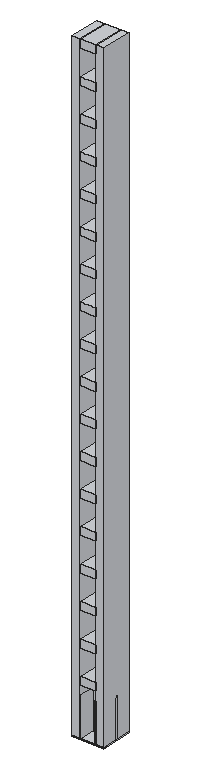
Revit family
Parameters (values of type "PILASTROUNICAFAMIGLIA")
  sviluppozeppe [instance] = C_HTAVOLA - hzeppe da terra  # 720.0 cm
  mezzobuco [instance] = (C_BUCO / 2)  # 0.5 cm
  mezzo spazio tra le tevole = C_SPAZIOTRATAVOLE / 2  # 10.0 cm
  hzeppe da terra [instance] = 70.0 cm
  Depth = 50.0 cm
  Width = 40.0 cm
  C_YTAVOLAPILASTRO [instance] = (Width - C_SPAZIOTRATAVOLE) / 2  # 10.0 cm
  C_XTAVOLAPILASTRO [instance] = Width  # 40.0 cm
  C_VOLUMETAVOLA [instance] = C_AREAPROFILOTAVOLA * C_HTAVOLA  # 0.316 m³
  C_SPESSOREALI [instance] = 10.0 cm
  C_SPAZIOTRATAVOLE = 20.0 cm
  C_PESOUNITARIO [instance] = 5880 N/m³
  C_PESO [instance] = C_PESOUNITARIO * C_VOLUMETAVOLA  # 1.85808 kN
  C_PASSOZEPPA [instance] = sviluppozeppe / C_ARRAYZEPPE  # 40.0 cm
  C_NTAVOLEPILASTRO [instance] = 2
  C_HZEPPA [instance] = 10.0 cm
  C_HTAVOLAPILASTRO [instance] = C_HTAVOLA  # 790.0 cm
  C_HTAVOLA = 790.0 cm
  C_HPLACCA [instance] = 50.0 cm
  C_HDATERRA [instance] = 1.0 cm
  C_HBUCO [instance] = 50.0 cm
  C_HBASE PLACCA [instance] = 1.0 cm
  C_DIMINTERNA [instance] = (Width) - C_SPESSOREALI * 2  # 20.0 cm
  C_BUCO [instance] = 1.0 cm
  C_ARRAYZEPPE [instance] = 18
  C_AREAPROFILOTAVOLA [instance] = (Width * (Width - C_SPAZIOTRATAVOLE)) / 2  # 0.04 m²
  Assembly Code = ""
Reference planes (cm)
  plane 1 "Center (Front/Back)": y = 0
  plane 2: z = 0
  plane 3 "Center (Left/Right)": x = 0
  plane 4 "Left": x = -20
  plane 5 "Right": x = 20
  plane 6 "Back": y = 20
  plane 7 "Front": y = -20
  plane 8: x = 10
  plane 9: x = -10
  plane 10: z = 791
  plane 11: z = 1
  plane 12: y = 0.5
  plane 13: y = -0.5
  plane 14: z = 50
  plane 15: z = 1
  plane 16: x = -9
  plane 17: x = 9
  plane 18: z = 71
Forms (cm)
  Extrusion 1, solid
    sketch origin (0, 0, 0) x (1, 0, 0) y (0, 1, 0)
      loop
        line (10, 20) -> (10, -20) -> (20, -20) -> (20, 20) -> (10, 20)
      loop
        line (-20, 20) -> (-20, -20) -> (-10, -20) -> (-10, 20) -> (-20, 20)
    from 1 to 791
  Extrusion 2, void
    sketch origin (0, 0, 0) x (1, 0, 0) y (0, 1, 0)
      loop
        line (10, 0.5) -> (10, -0.5) -> (20, -0.5) -> (20, 0.5) -> (10, 0.5)
      loop
        line (-20, 0.5) -> (-20, -0.5) -> (-10, -0.5) -> (-10, 0.5) -> (-20, 0.5)
    from 1 to 50
  Extrusion 3, solid
    sketch origin (0, 0, 0) x (1, 0, 0) y (0, 1, 0)
      loop
        line (-20, 20) -> (-20, -20) -> (20, -20) -> (20, 20) -> (-20, 20)
    from 0 to 1
  Extrusion 4, solid
    sketch origin (0, 0, 0) x (1, 0, 0) y (0, 1, 0)
      loop
        line (20, 0.5) -> (10, 0.5) -> (10, 20) -> (9, 20) -> (9, 0.5) -> (-9, 0.5) -> (-9, 20) -> (-10, 20) -> (-10, 0.5) -> (-20, 0.5) -> (-20, -0.5) -> (-10, -0.5) -> (-10, -20) -> (-9, -20) -> (-9, -0.5) -> (9, -0.5) -> (9, -20) -> (10, -20) -> (10, -0.5) -> (20, -0.5) -> (20, 0.5)
    from 1 to 50
Dimensions and locks (cm)
  equal spacing: plane 4 "Left", plane 3 "Center (Left/Right)", plane 5 "Right"
  equal spacing: plane 7 "Front", plane 1 "Center (Front/Back)", plane 6 "Back"
  "Width": plane 4 "Left" to plane 5 "Right"
  "C_HDATERRA": level to plane 11
  "mezzobuco": plane 12 to plane 1 "Center (Front/Back)"
  "mezzobuco": plane 13 to plane 1 "Center (Front/Back)"
  "mezzo spazio tra le tevole": plane 9 to plane 3 "Center (Left/Right)"
  "mezzo spazio tra le tevole": plane 3 "Center (Left/Right)" to plane 8
  "C_HBUCO": plane 14 to level
  "Width": plane 7 "Front" to plane 6 "Back"
  "C_HBASE PLACCA": plane 2 to plane 15
  "C_BUCO": plane 9 to plane 16
  "C_BUCO": plane 17 to plane 8
  "hzeppe da terra": plane 18 to plane 15
  equal spacing: group 1, group 3, group 4, group 5, group 6, group 7, group 8, group 9, group 10, group 11, group 12, group 13, group 14, group 15, group 16, group 17, group 18, group 2  (x3)
  "C_HTAVOLA": plane 10 to plane 11
  "C_HPLACCA": plane 2 to plane 14
  aligned and locked: plane 8 to Extrusion 1 sketch curve
  aligned and locked: plane 6 "Back" to Extrusion 1 sketch curve
  aligned and locked: plane 7 "Front" to Extrusion 1 sketch curve
  aligned and locked: plane 5 "Right" to Extrusion 1 sketch curve
  aligned and locked: plane 4 "Left" to Extrusion 1 sketch curve
  aligned and locked: plane 9 to Extrusion 1 sketch curve
  aligned: level to Extrusion 1
  aligned and locked: Extrusion 1 to plane 11
  aligned and locked: plane 10 to Extrusion 1
  aligned and locked: plane 4 "Left" to Extrusion 2 sketch curve
  aligned and locked: plane 9 to Extrusion 2 sketch curve
  aligned and locked: Extrusion 2 to plane 11
  aligned and locked: plane 14 to Extrusion 2
  aligned and locked: Extrusion 3 sketch curve to Extrusion 1  (x3)
  aligned and locked: Extrusion 1 to Extrusion 3 sketch curve
  aligned and locked: plane 15 to Extrusion 3
  aligned and locked: plane 14 to Extrusion 4
  aligned and locked: plane 16 to Extrusion 4  (x2)
  aligned and locked: plane 17 to Extrusion 4  (x2)
  aligned and locked: plane 4 "Left" to Extrusion 1
  aligned and locked: plane 5 "Right" to Extrusion 1
  aligned and locked: Extrusion 3 to plane 6 "Back"
  aligned and locked: plane 7 "Front" to Extrusion 3
  aligned and locked: plane 18 to nested 1  (x2)
  aligned and locked: plane 10 to nested 2
Automatic sketch dimensions
  plane 7 "Front" to Extrusion 1 sketch curve = 0.0 cm
  plane 6 "Back" to Extrusion 1 sketch curve = 0.0 cm
  Extrusion 2 sketch curve to plane 8 = 0.0 cm
  Extrusion 2 sketch curve to plane 5 "Right" = 0.0 cm
  plane 13 to Extrusion 2 sketch curve = 0.0 cm  (x2)
  Extrusion 2 sketch curve to plane 12 = 0.0 cm  (x2)
  Extrusion 4 sketch curve to plane 4 "Left" = 0.0 cm
  plane 7 "Front" to Extrusion 4 sketch curve = 0.0 cm  (x2)
  Extrusion 4 sketch curve to plane 9 = 0.0 cm  (x2)
  plane 6 "Back" to Extrusion 4 sketch curve = 0.0 cm  (x2)
  Extrusion 4 sketch curve to plane 12 = 0.0 cm  (x3)
  plane 13 to Extrusion 4 sketch curve = 0.0 cm  (x3)
  Extrusion 4 sketch curve to plane 8 = 0.0 cm  (x2)
  Extrusion 4 sketch curve to plane 5 "Right" = 0.0 cm
  Extrusion 4 sketch curve to plane 9 = 1.0 cm
  Extrusion 4 sketch curve to Extrusion 4 sketch curve = 1.0 cm  (x2)
  Extrusion 4 sketch curve to plane 8 = 1.0 cm
Nested families (cm)
  nested 1: "zeppa" at (0, 0, 1), type "zeppa"
    with b2zeppe 20.0 cm, b1zeppe 10.0 cm, C_HZEPPA 10.0 cm, hzeppe 10.0 cm, C_YZEPPA 40.0 cm, C_PASSOZEPPA 50.0 cm
  nested 2: "zeppa" at (0, 0, 721), type "zeppa"
    with b2zeppe 20.0 cm, b1zeppe 10.0 cm, C_HZEPPA 10.0 cm, hzeppe 10.0 cm, C_YZEPPA 40.0 cm, C_PASSOZEPPA 50.0 cm
  nested 3: "zeppa" at (0, 0, 43.3529), type "zeppa"
    with b2zeppe 20.0 cm, b1zeppe 10.0 cm, C_HZEPPA 10.0 cm, hzeppe 10.0 cm, C_YZEPPA 40.0 cm, C_PASSOZEPPA 50.0 cm
  nested 4: "zeppa" at (0, 0, 85.7059), type "zeppa"
    with b2zeppe 20.0 cm, b1zeppe 10.0 cm, C_HZEPPA 10.0 cm, hzeppe 10.0 cm, C_YZEPPA 40.0 cm, C_PASSOZEPPA 50.0 cm
  nested 5: "zeppa" at (0, 0, 128.0588), type "zeppa"
    with b2zeppe 20.0 cm, b1zeppe 10.0 cm, C_HZEPPA 10.0 cm, hzeppe 10.0 cm, C_YZEPPA 40.0 cm, C_PASSOZEPPA 50.0 cm
  nested 6: "zeppa" at (0, 0, 170.4118), type "zeppa"
    with b2zeppe 20.0 cm, b1zeppe 10.0 cm, C_HZEPPA 10.0 cm, hzeppe 10.0 cm, C_YZEPPA 40.0 cm, C_PASSOZEPPA 50.0 cm
  nested 7: "zeppa" at (0, 0, 212.7647), type "zeppa"
    with b2zeppe 20.0 cm, b1zeppe 10.0 cm, C_HZEPPA 10.0 cm, hzeppe 10.0 cm, C_YZEPPA 40.0 cm, C_PASSOZEPPA 50.0 cm
  nested 8: "zeppa" at (0, 0, 255.1176), type "zeppa"
    with b2zeppe 20.0 cm, b1zeppe 10.0 cm, C_HZEPPA 10.0 cm, hzeppe 10.0 cm, C_YZEPPA 40.0 cm, C_PASSOZEPPA 50.0 cm
  nested 9: "zeppa" at (0, 0, 297.4706), type "zeppa"
    with b2zeppe 20.0 cm, b1zeppe 10.0 cm, C_HZEPPA 10.0 cm, hzeppe 10.0 cm, C_YZEPPA 40.0 cm, C_PASSOZEPPA 50.0 cm
  nested 10: "zeppa" at (0, 0, 339.8235), type "zeppa"
    with b2zeppe 20.0 cm, b1zeppe 10.0 cm, C_HZEPPA 10.0 cm, hzeppe 10.0 cm, C_YZEPPA 40.0 cm, C_PASSOZEPPA 50.0 cm
  nested 11: "zeppa" at (0, 0, 382.1765), type "zeppa"
    with b2zeppe 20.0 cm, b1zeppe 10.0 cm, C_HZEPPA 10.0 cm, hzeppe 10.0 cm, C_YZEPPA 40.0 cm, C_PASSOZEPPA 50.0 cm
  nested 12: "zeppa" at (0, 0, 424.5294), type "zeppa"
    with b2zeppe 20.0 cm, b1zeppe 10.0 cm, C_HZEPPA 10.0 cm, hzeppe 10.0 cm, C_YZEPPA 40.0 cm, C_PASSOZEPPA 50.0 cm
  nested 13: "zeppa" at (0, 0, 466.8824), type "zeppa"
    with b2zeppe 20.0 cm, b1zeppe 10.0 cm, C_HZEPPA 10.0 cm, hzeppe 10.0 cm, C_YZEPPA 40.0 cm, C_PASSOZEPPA 50.0 cm
  nested 14: "zeppa" at (0, 0, 509.2353), type "zeppa"
    with b2zeppe 20.0 cm, b1zeppe 10.0 cm, C_HZEPPA 10.0 cm, hzeppe 10.0 cm, C_YZEPPA 40.0 cm, C_PASSOZEPPA 50.0 cm
  nested 15: "zeppa" at (0, 0, 551.5882), type "zeppa"
    with b2zeppe 20.0 cm, b1zeppe 10.0 cm, C_HZEPPA 10.0 cm, hzeppe 10.0 cm, C_YZEPPA 40.0 cm, C_PASSOZEPPA 50.0 cm
  nested 16: "zeppa" at (0, 0, 593.9412), type "zeppa"
    with b2zeppe 20.0 cm, b1zeppe 10.0 cm, C_HZEPPA 10.0 cm, hzeppe 10.0 cm, C_YZEPPA 40.0 cm, C_PASSOZEPPA 50.0 cm
  nested 17: "zeppa" at (0, 0, 636.2941), type "zeppa"
    with b2zeppe 20.0 cm, b1zeppe 10.0 cm, C_HZEPPA 10.0 cm, hzeppe 10.0 cm, C_YZEPPA 40.0 cm, C_PASSOZEPPA 50.0 cm
  nested 18: "zeppa" at (0, 0, 678.6471), type "zeppa"
    with b2zeppe 20.0 cm, b1zeppe 10.0 cm, C_HZEPPA 10.0 cm, hzeppe 10.0 cm, C_YZEPPA 40.0 cm, C_PASSOZEPPA 50.0 cm
Definition of nested family "zeppa"
  Parameters (values of type "zeppa")
    ytot = 60.0 cm
    xtot = 20.0 cm
    hzeppe = 20.0 cm
    b2zeppe [instance] = C_YZEPPA / 2  # 30.0 cm
    b1zeppe [instance] = C_XZEPPA / 2  # 10.0 cm
    C_YZEPPA = 60.0 cm
    C_XZEPPA = 20.0 cm
    C_PASSOZEPPA = 80.0 cm
    C_HZEPPA [instance] = 30.0 cm
    Assembly Code = ""
  Reference planes (cm)
    plane 1 "Center (Front/Back)": y = 0
    plane 2: z = 0
    plane 3 "Center (Left/Right)": x = 0
    plane 4: x = 10
    plane 5: x = -10
    plane 6: y = 30
    plane 7: y = -30
    plane 8: z = 70
    plane 9: z = 40
    plane 10: z = 224
  Forms (cm)
    Extrusion 1, solid
      sketch origin (0, 0, 0) x (1, 0, 0) y (0, 1, 0)
        loop
          line (-10, 30) -> (-10, -30) -> (10, -30) -> (10, 30) -> (-10, 30)
      from 40 to 70
  Dimensions and locks (cm)
    "b2zeppe": plane 6 to plane 1 "Center (Front/Back)"
    "b2zeppe": plane 7 to plane 1 "Center (Front/Back)"
    "b1zeppe": plane 5 to plane 3 "Center (Left/Right)"
    "b1zeppe": plane 3 "Center (Left/Right)" to plane 4
    "C_HZEPPA": plane 9 to plane 8
    aligned and locked: plane 5 to Extrusion 1 sketch curve
    aligned and locked: Extrusion 1 sketch curve to plane 6
    aligned and locked: plane 7 to Extrusion 1 sketch curve
    aligned and locked: Extrusion 1 sketch curve to plane 4
    aligned and locked: plane 8 to Extrusion 1
    aligned and locked: Extrusion 1 to plane 9
